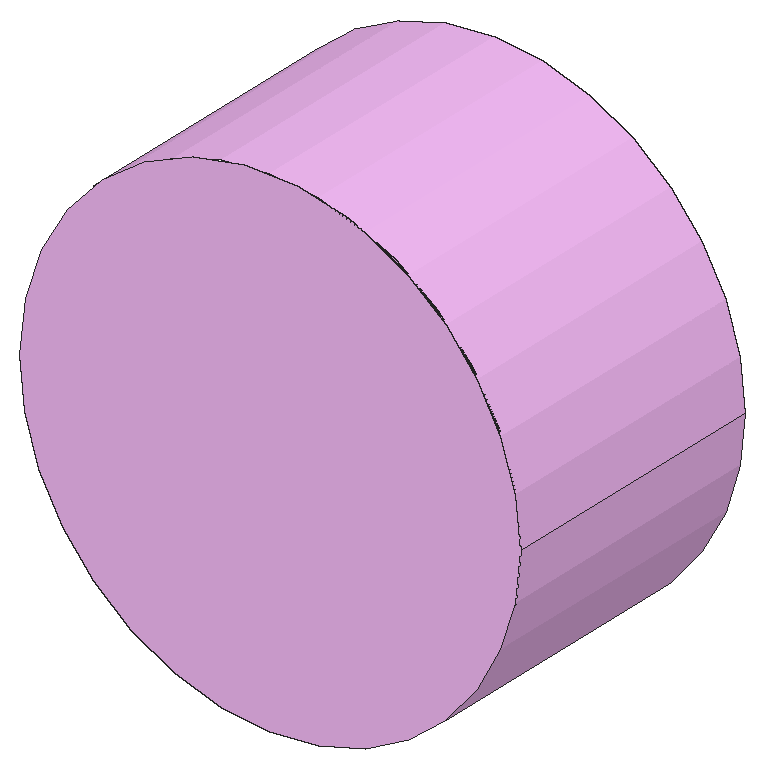
Revit family "501_ЗИ_Отверстие_Круглое_Стена_(Об)", category Оборудование, Revit 2020
Family settings
  Размер круглого соединителя = Использовать диаметр
  Классификация = Нет
  Тип детали = Нормальный
  На основе рабочей плоскости = Нет
  Всегда вертикально = Да
  При загрузке вырезать с полостями = Нет
  Общий = Нет
  Точка расчета площади = Нет
Parameters (values of type "АУПТ")
  План_Заливка цветом = Заливка Цветная Прямоугольное Отверстие : Фиолетовый
  Отметка по умолчанию = 0 mm
  Материал = КП_ЗИ_АУПТ
  Ключевая пометка = "501_MEP"  # constant formula
  КП_Р_Толщина стенки = 6 mm
  Рзм.ТолщинаОсновы [instance] = 280 mm
  КП_О_Версия семейства = "2.2"  # constant formula
  КП_О_Версия Revit = "2020"  # constant formula
  КП_О_URL техническое описание [instance] = "http://moodle/mod/book/view.php?id=503&chapterid=1235"
  КП_И_Включение в спецификацию = 0 = 1  # no
  Диаметр [instance] = 500 mm
  КП_Р_Радиус [instance] = КП_Р_Диаметр / 2  # 250 mm
  КП_О_Марка = "АУПТ"
  Разрез_Заливка цветом = Заливка Цветная Круглое Отверстие : Фиолетовый
  КП_Р_Диаметр [instance] = Диаметр + Расширение границ * 2  # 500 mm
  SYS_YES = 1 = 1  # yes
  Расширение границ [instance] = 0 mm
  Описание = "Для плагина «Менеджер отверстий»"  # constant formula
  Type Comments = " "
  Группа модели = "Задание на гильзу в стене"  # constant formula
  SYS_OFFSET_UP [instance] = 750 mm
  SYS_OFFSET_DOWN [instance] = 750 mm
  SYS_NO = 1 = 0  # no
  00_Отметка_Относительная [instance] = ""
  00_Отметка_Абсолютная [instance] = ""
Types (5, lengths in mm): name | План_Заливка цветом | Материал | КП_О_Марка | Разрез_Заливка цветом | SYS_OFFSET_UP | SYS_OFFSET_DOWN
  ОВ | Заливка Цветная Прямоугольное Отверстие : Желтый | КП_ЗИ_ОВ | "ОВ" | Заливка Цветная Круглое Отверстие : Желтый | 0 | 0
  ВК | Заливка Цветная Прямоугольное Отверстие : Синий | КП_ЗИ_ВК | "ВК" | Заливка Цветная Круглое Отверстие : Синий | 0 | 0
  ЭОМ | Заливка Цветная Прямоугольное Отверстие : Красный | КП_ЗИ_ЭОМ | "ЭОМ" | Заливка Цветная Круглое Отверстие : Красный | 0 | 0
  СС | Заливка Цветная Прямоугольное Отверстие : Зеленый | КП_ЗИ_СС | "СС" | Заливка Цветная Круглое Отверстие : Зеленый | 0 | 0
  АУПТ | Заливка Цветная Прямоугольное Отверстие : Фиолетовый | КП_ЗИ_АУПТ | "АУПТ" | Заливка Цветная Круглое Отверстие : Фиолетовый | 750 | 750
Reference planes
  plane 1 "Центр (Вперед/Назад)": y = 0
  plane 2 "Вниз": z = 0
  plane 3 "По центру (Влево/Вправо)": x = 0
  plane 4 "Назад": y = 140
  plane 5 "Вперед": y = -140
  plane 6: z = -1000
  plane 7: z = 1000
  plane 8 "Верх": z = 250
  plane 9 "Низ": z = -250
Forms (mm)
  Extrusion 1, solid, material "КП_ЗИ_АУПТ" <- "Материал"
    sketch origin (-606.998, -140, 600) x (-1, 0, 0) y (0, 0, 1)
      loop
        circle (-606.998, -600) r 250
    from 0 to 280
Lines and regions (mm)
  model lines, style "Обмен заданиями"
    curve 1: line (0, 140, 250) -> (0, -140, 250)
    curve 2: line (0, 140, -250) -> (0, -140, -250)
    curve 3: line (0, 0, 1000) -> (0, 0, -1000)
Dimensions and locks
  "Рзм.ТолщинаОсновы": plane 4 "Назад" to plane 5 "Вперед"
  equal spacing: plane 4 "Назад", plane 1 "Центр (Вперед/Назад)", plane 5 "Вперед"
  locked: plane 3 "По центру (Влево/Вправо)" to Extrusion 1 sketch curve
  equal spacing: plane 8 "Верх", level, plane 9 "Низ"
  "КП_Р_Диаметр": plane 8 "Верх" to plane 9 "Низ"
  "SYS_OFFSET_UP": plane 7 to plane 8 "Верх"
  "SYS_OFFSET_DOWN": plane 9 "Низ" to plane 6
  "КП_Р_Диаметр": diameter of Extrusion 1 sketch curve
  aligned and locked: level to plane 2 "Вниз"
  aligned and locked: plane 1 "Центр (Вперед/Назад)" to nested 2
  aligned and locked: plane 3 "По центру (Влево/Вправо)" to nested 2
  aligned and locked: plane 4 "Назад" to Extrusion 1
  aligned and locked: Extrusion 1 to plane 5 "Вперед"
  aligned and locked: plane 4 "Назад" to curve 1
  aligned and locked: plane 5 "Вперед" to curve 1
  aligned and locked: plane 4 "Назад" to curve 2
  aligned and locked: plane 5 "Вперед" to curve 2
  aligned and locked: plane 6 to curve 3
  aligned and locked: plane 7 to curve 3
Automatic sketch dimensions
  curve 1 to plane 3 "По центру (Влево/Вправо)" = 0 mm
  curve 2 to plane 3 "По центру (Влево/Вправо)" = 0 mm
  plane 3 "По центру (Влево/Вправо)" to curve 3 = 0 mm
  Extrusion 1 sketch curve to level = 0 mm
Nested families
  nested 1: "Заливка Цветная Круглое Отверстие" at (0, 140, 0) x (1, 0, 0) z (0, 1, 0), W <- "КП_Р_Диаметр", type <- "Разрез_Заливка цветом", type "Фиолетовый"
    with Черный (план) no, Фиолетовый (план) yes, Синий (план) no, План yes, Оранжевый (план) no, Красный (план) no, Зеленый (план) no, Желтый (план) no, Голубой (план) no, W 500 mm, L 500 mm
  nested 2: "Заливка Цветная Прямоугольное Отверстие" at (0, 0, 0), W <- "Рзм.ТолщинаОсновы", L <- "КП_Р_Диаметр", type <- "План_Заливка цветом", type "Фиолетовый"
    with Черный (план) no, Фиолетовый (план) yes, Синий (план) no, План yes, Оранжевый (план) no, Красный (план) no, Зеленый (план) no, Желтый (план) no, Голубой (план) no, W 280 mm, L 500 mm, AW 50 mm, AL 50 mm
Definition of nested family "Заливка Цветная Круглое Отверстие"
  Parameters (values of type "Зеленый")
    Черный (план) [instance] = and(Черный, План)  # no
    Черный = no
    Фиолетовый (план) [instance] = and(Фиолетовый, План)  # no
    Фиолетовый = no
    Синий (план) [instance] = and(Синий, План)  # no
    Синий = no
    План [instance] = yes
    Оранжевый (план) [instance] = and(Оранжевый, План)  # no
    Оранжевый = no
    Красный (план) [instance] = and(Красный, План)  # no
    Красный = no
    Зеленый (план) [instance] = and(Зеленый, План)  # yes
    Зеленый = yes
    Желтый (план) [instance] = and(Желтый, План)  # no
    Желтый = no
    Голубой (план) [instance] = and(Голубой, План)  # no
    Голубой = no
    L [instance] = W  # 200 mm
    W [instance] = 200 mm
  Types (8, lengths in mm): name | Черный (план) | Черный | Фиолетовый (план) | Фиолетовый | Синий (план) | Синий | Оранжевый (план) | Оранжевый | Красный (план) | Красный | Зеленый (план) | Зеленый | Желтый (план) | Желтый | Голубой (план) | Голубой
    Красный | no | no | no | no | no | no | no | no | yes | yes | no | no | no | no | no | no
    Желтый | no | no | no | no | no | no | no | no | no | no | no | no | yes | yes | no | no
    Оранжевый | no | no | no | no | no | no | yes | yes | no | no | no | no | no | no | no | no
    Голубой | no | no | no | no | no | no | no | no | no | no | no | no | no | no | yes | yes
    Синий | no | no | no | no | yes | yes | no | no | no | no | no | no | no | no | no | no
    Фиолетовый | no | no | yes | yes | no | no | no | no | no | no | no | no | no | no | no | no
    Черный | yes | yes | no | no | no | no | no | no | no | no | no | no | no | no | no | no
    Зеленый | no | no | no | no | no | no | no | no | no | no | yes | yes | no | no | no | no
  Reference planes
    plane 1 "По центру (Вперед/Назад)": y = 0
    plane 2: z = 0
    plane 3 "По центру (Влево/Вправо)": x = 0
  Lines and regions (mm)
    Filled region 1, type "Черный", in view "Опорный уровень", visible <- "Черный (план)"
      outline origin (630.409, -492.529, 0) x (1, 0, 0) y (0, 1, 0)
        loop
          circle (-630.409, 492.529) r 100
    Filled region 2, type "Голубой", in view "Опорный уровень", visible <- "Голубой (план)"
      outline origin (520, -360, 0) x (1, 0, 0) y (0, 1, 0)
        loop
          circle (-520, 360) r 100
    Filled region 3, type "Желтый", in view "Опорный уровень", visible <- "Желтый (план)"
      outline origin (500, -320, 0) x (1, 0, 0) y (0, 1, 0)
        loop
          circle (-500, 320) r 100
    Filled region 4, type "Зеленый", in view "Опорный уровень", visible <- "Зеленый (план)"
      outline origin (630.409, -492.529, 0) x (1, 0, 0) y (0, 1, 0)
        loop
          circle (-630.409, 492.529) r 100
    Filled region 5, type "Красный", in view "Опорный уровень", visible <- "Красный (план)"
      outline origin (630.409, -492.529, 0) x (1, 0, 0) y (0, 1, 0)
        loop
          circle (-630.409, 492.529) r 100
    Filled region 6, type "Оранжевый", in view "Опорный уровень", visible <- "Оранжевый (план)"
      outline origin (630.409, -492.529, 0) x (1, 0, 0) y (0, 1, 0)
        loop
          circle (-630.409, 492.529) r 100
    Filled region 7, type "Синий", in view "Опорный уровень", visible <- "Синий (план)"
      outline origin (630.409, -492.529, 0) x (1, 0, 0) y (0, 1, 0)
        loop
          circle (-630.409, 492.529) r 100
    Filled region 8, type "Фиолетовый", in view "Опорный уровень", visible <- "Фиолетовый (план)"
      outline origin (580, -340, 0) x (1, 0, 0) y (0, 1, 0)
        loop
          circle (-580, 340) r 100
    detail lines, in view "Опорный уровень"
      curve 1: circle (0, 0, 0) r 100 normal (0, 0, 1)
  Dimensions and locks
    "W": diameter of curve 1
    aligned and locked: Filled region 8 sketch curve to curve 1
    aligned and locked: Filled region 7 sketch curve to curve 1
    aligned and locked: Filled region 6 sketch curve to curve 1
    aligned and locked: Filled region 5 sketch curve to curve 1
    aligned and locked: Filled region 4 sketch curve to curve 1
    aligned and locked: Filled region 3 sketch curve to curve 1
    aligned and locked: Filled region 2 sketch curve to curve 1
    aligned and locked: Filled region 1 sketch curve to curve 1
  Automatic sketch dimensions
    plane 1 "По центру (Вперед/Назад)" to curve 1 = 0 mm
    curve 1 to plane 3 "По центру (Влево/Вправо)" = 0 mm
Definition of nested family "Заливка Цветная Прямоугольное Отверстие"
  Parameters (values of type "Зеленый")
    Черный (план) [instance] = and(Черный, План)  # no
    Черный = no
    Фиолетовый (план) [instance] = and(Фиолетовый, План)  # no
    Фиолетовый = no
    Синий (план) [instance] = and(Синий, План)  # no
    Синий = no
    План [instance] = yes
    Оранжевый (план) [instance] = and(Оранжевый, План)  # no
    Оранжевый = no
    Красный (план) [instance] = and(Красный, План)  # no
    Красный = no
    Зеленый (план) [instance] = and(Зеленый, План)  # yes
    Зеленый = yes
    Желтый (план) [instance] = and(Желтый, План)  # no
    Желтый = no
    Голубой (план) [instance] = and(Голубой, План)  # no
    Голубой = no
    L [instance] = 400 mm
    W [instance] = 200 mm
    AW [instance] = if(and(L > 500 mm, W > 500 mm), 100 mm, if(and(L < 200 mm, W < 200 mm), 25 mm, 50 mm))  # 50 mm
    AL [instance] = if(and(L > 500 mm, W > 500 mm), 100 mm, if(and(L < 200 mm, W < 200 mm), 25 mm, 50 mm))  # 50 mm
  Types (8, lengths in mm): name | Черный (план) | Черный | Фиолетовый (план) | Фиолетовый | Синий (план) | Синий | Оранжевый (план) | Оранжевый | Красный (план) | Красный | Зеленый (план) | Зеленый | Желтый (план) | Желтый | Голубой (план) | Голубой
    Красный | no | no | no | no | no | no | no | no | yes | yes | no | no | no | no | no | no
    Желтый | no | no | no | no | no | no | no | no | no | no | no | no | yes | yes | no | no
    Оранжевый | no | no | no | no | no | no | yes | yes | no | no | no | no | no | no | no | no
    Голубой | no | no | no | no | no | no | no | no | no | no | no | no | no | no | yes | yes
    Синий | no | no | no | no | yes | yes | no | no | no | no | no | no | no | no | no | no
    Фиолетовый | no | no | yes | yes | no | no | no | no | no | no | no | no | no | no | no | no
    Черный | yes | yes | no | no | no | no | no | no | no | no | no | no | no | no | no | no
    Зеленый | no | no | no | no | no | no | no | no | no | no | yes | yes | no | no | no | no
  Reference planes
    plane 1 "По центру (Вперед/Назад)": y = 0
    plane 2: z = 0
    plane 3 "По центру (Влево/Вправо)": x = 0
    plane 4: x = 200
    plane 5: x = -200
    plane 6: y = 100
    plane 7: y = -100
    plane 8: y = 50
    plane 9: x = -150
  Lines and regions (mm)
    Filled region 1, type "Черный", in view "Опорный уровень", visible <- "Черный"
      outline origin (0, 0, 0) x (1, 0, 0) y (0, 1, 0)
        loop
          line (-200, 100) -> (-200, -100) -> (-150, 50) -> (200, 100) -> (-200, 100)
    Filled region 2, type "Голубой", in view "Опорный уровень", visible <- "Голубой"
      outline origin (0, 0, 0) x (1, 0, 0) y (0, 1, 0)
        loop
          line (-200, 100) -> (-200, -100) -> (-150, 50) -> (200, 100) -> (-200, 100)
    Filled region 3, type "Желтый", in view "Опорный уровень", visible <- "Желтый"
      outline origin (0, 0, 0) x (1, 0, 0) y (0, 1, 0)
        loop
          line (-200, 100) -> (-200, -100) -> (-150, 50) -> (200, 100) -> (-200, 100)
    Filled region 4, type "Зеленый", in view "Опорный уровень", visible <- "Зеленый"
      outline origin (0, 0, 0) x (1, 0, 0) y (0, 1, 0)
        loop
          line (-200, 100) -> (-200, -100) -> (-150, 50) -> (200, 100) -> (-200, 100)
    Filled region 5, type "Красный", in view "Опорный уровень", visible <- "Красный"
      outline origin (0, 0, 0) x (1, 0, 0) y (0, 1, 0)
        loop
          line (-200, 100) -> (-200, -100) -> (-150, 50) -> (200, 100) -> (-200, 100)
    Filled region 6, type "Оранжевый", in view "Опорный уровень", visible <- "Оранжевый"
      outline origin (0, 0, 0) x (1, 0, 0) y (0, 1, 0)
        loop
          line (-200, 100) -> (-200, -100) -> (-150, 50) -> (200, 100) -> (-200, 100)
    Filled region 7, type "Синий", in view "Опорный уровень", visible <- "Синий"
      outline origin (0, 0, 0) x (1, 0, 0) y (0, 1, 0)
        loop
          line (-200, 100) -> (-200, -100) -> (-150, 50) -> (200, 100) -> (-200, 100)
    Filled region 8, type "Фиолетовый", in view "Опорный уровень", visible <- "Фиолетовый"
      outline origin (0, 0, 0) x (1, 0, 0) y (0, 1, 0)
        loop
          line (-200, 100) -> (-200, -100) -> (-150, 50) -> (200, 100) -> (-200, 100)
    Filled region 9, type "Черный", in view "Опорный уровень", visible <- "Черный (план)"
      outline origin (630.409, -492.529, 0) x (1, 0, 0) y (0, 1, 0)
        loop
          line (-780.409, 542.529) -> (-830.409, 392.529) -> (-430.409, 392.529) -> (-430.409, 592.529) -> (-780.409, 542.529)
    Filled region 10, type "Голубой", in view "Опорный уровень", visible <- "Голубой (план)"
      outline origin (520, -360, 0) x (1, 0, 0) y (0, 1, 0)
        loop
          line (-670, 410) -> (-720, 260) -> (-320, 260) -> (-320, 460) -> (-670, 410)
    Filled region 11, type "Желтый", in view "Опорный уровень", visible <- "Желтый (план)"
      outline origin (500, -320, 0) x (1, 0, 0) y (0, 1, 0)
        loop
          line (-300, 420) -> (-650, 370) -> (-700, 220) -> (-300, 220) -> (-300, 420)
    Filled region 12, type "Зеленый", in view "Опорный уровень", visible <- "Зеленый (план)"
      outline origin (630.409, -492.529, 0) x (1, 0, 0) y (0, 1, 0)
        loop
          line (-430.409, 592.529) -> (-780.409, 542.529) -> (-830.409, 392.529) -> (-430.409, 392.529) -> (-430.409, 592.529)
    Filled region 13, type "Красный", in view "Опорный уровень", visible <- "Красный (план)"
      outline origin (630.409, -492.529, 0) x (1, 0, 0) y (0, 1, 0)
        loop
          line (-780.409, 542.529) -> (-830.409, 392.529) -> (-430.409, 392.529) -> (-430.409, 592.529) -> (-780.409, 542.529)
    Filled region 14, type "Оранжевый", in view "Опорный уровень", visible <- "Оранжевый (план)"
      outline origin (630.409, -492.529, 0) x (1, 0, 0) y (0, 1, 0)
        loop
          line (-830.409, 392.529) -> (-430.409, 392.529) -> (-430.409, 592.529) -> (-780.409, 542.529) -> (-830.409, 392.529)
    Filled region 15, type "Синий", in view "Опорный уровень", visible <- "Синий (план)"
      outline origin (630.409, -492.529, 0) x (1, 0, 0) y (0, 1, 0)
        loop
          line (-830.409, 392.529) -> (-430.409, 392.529) -> (-430.409, 592.529) -> (-780.409, 542.529) -> (-830.409, 392.529)
    Filled region 16, type "Фиолетовый", in view "Опорный уровень", visible <- "Фиолетовый (план)"
      outline origin (580, -340, 0) x (1, 0, 0) y (0, 1, 0)
        loop
          line (-780, 240) -> (-380, 240) -> (-380, 440) -> (-730, 390) -> (-780, 240)
    detail lines, in view "Опорный уровень"
      curve 1: line (-200, 100, 0) -> (200, 100, 0)
      curve 2: line (-200, -100, 0) -> (-200, 100, 0)
      curve 3: line (200, -100, 0) -> (-200, -100, 0)
      curve 4: line (200, 100, 0) -> (200, -100, 0)
  Dimensions and locks
    equal spacing: plane 5, plane 3 "По центру (Влево/Вправо)", plane 4
    equal spacing: plane 6, plane 1 "По центру (Вперед/Назад)", plane 7
    "W": plane 6 to plane 7
    "L": plane 5 to plane 4
    plane 5 to plane 3 "По центру (Влево/Вправо)" = 200 mm
    "AL": plane 5 to plane 9
    "AW": plane 6 to plane 8
    aligned and locked: plane 5 to Filled region 1 sketch curve
    aligned and locked: plane 6 to Filled region 1 sketch curve
    aligned and locked: Filled region 16 sketch curve to Filled region 8  (x2)
    aligned and locked: Filled region 16 sketch curve to plane 7
    aligned and locked: Filled region 16 sketch curve to plane 4
    aligned and locked: Filled region 15 sketch curve to Filled region 8  (x2)
    aligned and locked: Filled region 15 sketch curve to plane 4
    aligned and locked: Filled region 15 sketch curve to plane 7
    aligned and locked: Filled region 14 sketch curve to Filled region 8  (x2)
    aligned and locked: Filled region 14 sketch curve to plane 4
    aligned and locked: Filled region 14 sketch curve to plane 7
    aligned and locked: Filled region 13 sketch curve to Filled region 8  (x2)
    aligned and locked: Filled region 13 sketch curve to plane 7
    aligned and locked: Filled region 13 sketch curve to plane 4
    aligned and locked: Filled region 12 sketch curve to plane 4
    aligned and locked: Filled region 12 sketch curve to plane 7
    aligned and locked: Filled region 12 sketch curve to Filled region 8  (x2)
    aligned and locked: Filled region 11 sketch curve to plane 4
    aligned and locked: Filled region 11 sketch curve to plane 7
    aligned and locked: Filled region 11 sketch curve to Filled region 8  (x2)
    aligned and locked: Filled region 10 sketch curve to Filled region 8  (x2)
    aligned and locked: Filled region 10 sketch curve to plane 7
    aligned and locked: Filled region 10 sketch curve to plane 4
    aligned and locked: Filled region 9 sketch curve to Filled region 8  (x2)
    aligned and locked: Filled region 9 sketch curve to plane 7
    aligned and locked: Filled region 9 sketch curve to plane 4
    aligned and locked: curve 2 to plane 5
    aligned and locked: plane 7 to curve 3
    aligned and locked: curve 4 to plane 4
    aligned and locked: curve 1 to plane 6
  Automatic sketch dimensions
    Filled region 1 sketch curve to plane 8 = 0 mm
    Filled region 1 sketch curve to plane 9 = 0 mm
    Filled region 1 sketch curve to plane 4 = 0 mm
    Filled region 1 sketch curve to plane 7 = 0 mm
    Filled region 2 sketch curve to plane 5 = 0 mm
    Filled region 2 sketch curve to plane 8 = 0 mm
    Filled region 2 sketch curve to plane 9 = 0 mm
    Filled region 2 sketch curve to plane 4 = 0 mm
    Filled region 2 sketch curve to plane 7 = 0 mm
    Filled region 2 sketch curve to plane 6 = 0 mm
    Filled region 3 sketch curve to plane 5 = 0 mm
    Filled region 3 sketch curve to plane 8 = 0 mm
    Filled region 3 sketch curve to plane 9 = 0 mm
    Filled region 3 sketch curve to plane 4 = 0 mm
    Filled region 3 sketch curve to plane 7 = 0 mm
    Filled region 3 sketch curve to plane 6 = 0 mm
    Filled region 4 sketch curve to plane 5 = 0 mm
    Filled region 4 sketch curve to plane 8 = 0 mm
    Filled region 4 sketch curve to plane 9 = 0 mm
    Filled region 4 sketch curve to plane 4 = 0 mm
    Filled region 4 sketch curve to plane 7 = 0 mm
    Filled region 4 sketch curve to plane 6 = 0 mm
    Filled region 5 sketch curve to plane 5 = 0 mm
    Filled region 5 sketch curve to plane 8 = 0 mm
    Filled region 5 sketch curve to plane 9 = 0 mm
    Filled region 5 sketch curve to plane 4 = 0 mm
    Filled region 5 sketch curve to plane 7 = 0 mm
    Filled region 5 sketch curve to plane 6 = 0 mm
    Filled region 6 sketch curve to plane 5 = 0 mm
    Filled region 6 sketch curve to plane 8 = 0 mm
    Filled region 6 sketch curve to plane 9 = 0 mm
    Filled region 6 sketch curve to plane 4 = 0 mm
    Filled region 6 sketch curve to plane 7 = 0 mm
    Filled region 6 sketch curve to plane 6 = 0 mm
    Filled region 7 sketch curve to plane 5 = 0 mm
    Filled region 7 sketch curve to plane 8 = 0 mm
    Filled region 7 sketch curve to plane 9 = 0 mm
    Filled region 7 sketch curve to plane 4 = 0 mm
    Filled region 7 sketch curve to plane 7 = 0 mm
    Filled region 7 sketch curve to plane 6 = 0 mm
    Filled region 8 sketch curve to plane 5 = 0 mm
    Filled region 8 sketch curve to plane 8 = 0 mm
    Filled region 8 sketch curve to plane 9 = 0 mm
    Filled region 8 sketch curve to plane 4 = 0 mm
    Filled region 8 sketch curve to plane 7 = 0 mm
    Filled region 8 sketch curve to plane 6 = 0 mm
